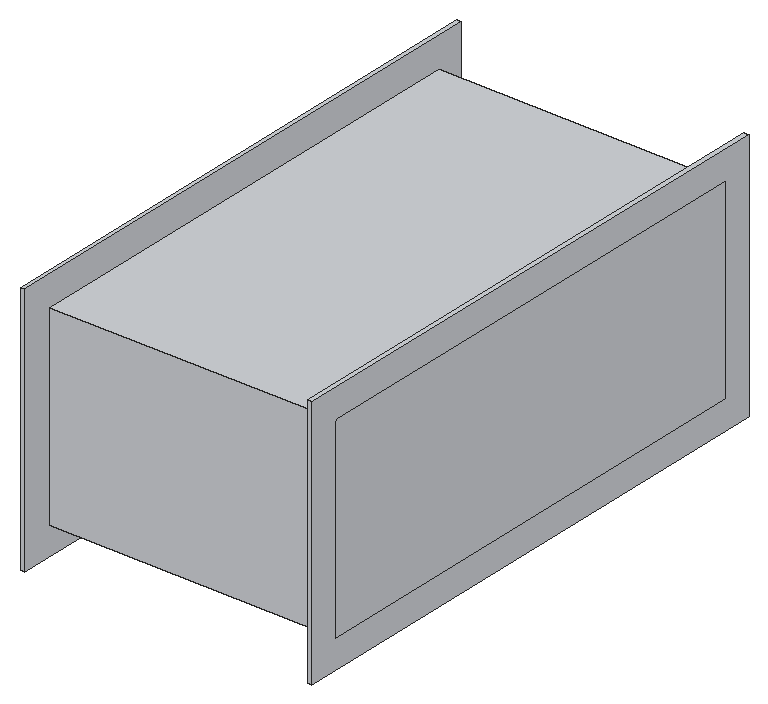
Revit family "RLT_RE Brandschutz- Entrauchungsklappe - Flansch", category Duct Accessories, Revit 2015
Parameters (values of type "Brandschutzklappe")
  RLT_DIM_Länge [instance] = Länge  # 300 mm
  RLT_DIM_Höhe [instance] = Höhe  # 200 mm
  RLT_DIM_Breite [instance] = Breite  # 500 mm
  Motorklappe [instance] = yes
  Entrauchungsklappe = no
  Breite [instance] = 500 mm
  Druckverlust [instance] = 0.00 in-wg
  Länge [instance] = 300 mm
  Höhe [instance] = 200 mm
  Flanschstärke = 5 mm
  Flanschbreite = 30 mm
  Widerstandsbeiwert [instance] = 0
  Brandschutzklappe = yes
  Keynote = "BSK"
  ALG_Wartungsraum_Tiefe [instance] = 200 mm
  ALG_Wartungsraum_Sichtbar [instance] = no
Types (2, lengths in mm): name | Entrauchungsklappe | Brandschutzklappe | Keynote
  Brandschutzklappe | no | yes | "BSK"
  Entrauchungsklappe | yes | no | "ERK"
Reference planes
  plane 1 "Mitte (Vorne/Hinten)": y = 0
  plane 2: z = 0
  plane 3 "Mitte (Links/Rechts)": x = 0
  plane 4: y = 250
  plane 5: y = -250
  plane 6: x = -150
  plane 7: x = 150
  plane 8: z = 100
  plane 9: z = -100
  plane 10: z = 130
  plane 11: y = -280
  plane 12: z = -130
  plane 13: y = 280
  plane 14: x = -145
  plane 15: x = 145
  plane 16: x = -115
Forms (mm)
  Extrusion 1, solid, detail levels medium+fine
    sketch origin (-150, 397.271, 1219.2) x (0, 1, 0) y (0, 0, 1)
      loop
        line (-147.271, -1119.2) -> (-647.271, -1119.2) -> (-647.271, -1319.2) -> (-147.271, -1319.2) -> (-147.271, -1119.2)
    from 0 to 300
  Extrusion 2, solid, detail levels fine
    sketch origin (-150, 397.271, 1219.2) x (0, 1, 0) y (0, 0, 1)
      loop
        line (-117.271, -1089.2) -> (-677.271, -1089.2) -> (-677.271, -1349.2) -> (-117.271, -1349.2) -> (-117.271, -1089.2)
    from 0 to 5
  Extrusion 3, solid, detail levels fine
    sketch origin (150, 397.271, 1219.2) x (0, 1, 0) y (0, 0, -1)
      loop
        line (-117.271, 1089.2) -> (-117.271, 1349.2) -> (-677.271, 1349.2) -> (-677.271, 1089.2) -> (-117.271, 1089.2)
    from 0 to 5
Lines and regions (mm)
  model lines, detail levels coarse
    curve 1: line (-150, 250, 0) -> (150, 250, 0)
    curve 2: line (-150, -250, 0) -> (-150, 250, 0)
    curve 3: line (150, -250, 0) -> (-150, -250, 0)
    curve 4: line (150, 250, 0) -> (150, -250, 0)
    curve 5: line (-150, -208.66, 0) -> (114.808, 250, 0)
    curve 6: line (-115, -250, 0) -> (150, 208.993, 0)
    curve 7: circle (0, 0, 0) r 25 normal (0, 0, 1)
  model lines, style "Symbol", visible <- "Brandschutzklappe", detail levels medium+fine
    curve 8: line (-145, -200, 100) -> (114.808, 250, 100)
    curve 9: line (145, 200.333, 100) -> (-115, -250, 100)
    curve 12: line (-145, -250, -81.845) -> (114.701, -250, 100)
    curve 13: line (-115, -250, -100) -> (145, -250, 82.054)
    curve 15: line (114.701, 250, 100) -> (-145, 250, -81.845)
    curve 16: line (-115, 250, -100) -> (145, 250, 82.054)
  model lines, style "Symbol", detail levels medium+fine
    curve 10: circle (0, 0, 100) r 25 normal (0, 0, 1)
    curve 11: circle (0, -250, 0) r 15 normal (0, -1, 0)
    curve 14: circle (0, 250, 0) r 15 normal (0, 1, 0)
  model lines, style "Symbol", detail levels coarse
    curve 17: line (-150, 0, 100) -> (150, 0, 100)
    curve 18: line (-150, 0, -100) -> (-150, 0, 100)
    curve 19: line (150, 0, -100) -> (-150, 0, -100)
    curve 20: line (150, 0, 100) -> (150, 0, -100)
    curve 23: circle (0, 0, 0) r 15 normal (0, -1, 0)
    curve 24: line (0, 250, 100) -> (0, -250, 100)
    curve 25: line (0, 250, -100) -> (0, 250, 100)
    curve 26: line (0, -250, -100) -> (0, 250, -100)
    curve 27: line (0, -250, 100) -> (0, -250, -100)
  model lines, style "Symbol", visible <- "Brandschutzklappe", detail levels coarse
    curve 21: line (-115, 0, -100) -> (145, 0, 82.054)
    curve 22: line (114.701, 0, 100) -> (-145, 0, -81.845)
  symbolic lines
    curve 28: line (-150, 250, 0) -> (150, 250, 0)
    curve 29: line (-150, -250, 0) -> (-150, 250, 0)
    curve 30: line (150, -250, 0) -> (-150, -250, 0)
    curve 31: line (150, 250, 0) -> (150, -250, 0)
  model lines, style "Symbol", visible <- "Entrauchungsklappe", detail levels medium+fine
    curve 32: line (-150, -250, 100) -> (150, 250, 100)
    curve 33: line (-150, -250, -100) -> (150, -250, 100)
    curve 34: line (-150, 250, -100) -> (150, 250, 100)
  model lines
    curve 35: line (150, -250, -100) -> (150, 250, 100)
    curve 36: circle (150, 0, 0) r 25 normal (1, 0, 0)
    curve 40: circle (-150, 0, 0) r 25 normal (1, 0, 0)
  model lines, visible <- "Entrauchungsklappe", detail levels medium+fine
    curve 37: line (150, -250, -100) -> (150, 250, 100)
    curve 41: line (-150, -250, -100) -> (-150, 250, 100)
  model lines, visible <- "Brandschutzklappe", detail levels medium+fine
    curve 38: line (150, -250, -73.074) -> (150, 182.685, 100)
    curve 39: line (150, -182.685, -100) -> (150, 250, 73.074)
    curve 42: line (-150, -182.685, -100) -> (-150, 250, 73.074)
    curve 43: line (-150, -250, -73.074) -> (-150, 182.685, 100)
Dimensions and locks
  equal spacing: plane 6, plane 3 "Mitte (Links/Rechts)", plane 7
  "Länge": plane 6 to plane 7
  equal spacing: plane 5, plane 1 "Mitte (Vorne/Hinten)", plane 4
  equal spacing: plane 8, level, plane 9
  "Höhe": plane 8 to plane 9
  "Breite": plane 5 to plane 4
  "Flanschbreite": plane 10 to plane 8
  "Flanschbreite": plane 12 to plane 9
  "Flanschbreite": plane 13 to plane 4
  "Flanschbreite": plane 5 to plane 11
  "Flanschstärke": plane 6 to plane 14
  "Flanschstärke": plane 15 to plane 7
  locked: plane 6 to plane 16 at 35
  radius of curve 7 = 25 mm
  radius of curve 10 = 25 mm
  radius of curve 11 = 15 mm
  radius of curve 14 = 15 mm
  radius of curve 23 = 15 mm
  aligned and locked: plane 2 to level
  aligned and locked: plane 7 to Extrusion 1
  aligned and locked: Extrusion 1 to plane 6
  aligned and locked: plane 8 to Extrusion 1
  aligned and locked: plane 9 to Extrusion 1
  aligned and locked: plane 5 to Extrusion 1
  aligned and locked: plane 4 to Extrusion 1
  aligned and locked: plane 14 to Extrusion 2
  aligned and locked: Extrusion 2 to plane 6
  aligned and locked: Extrusion 3 to plane 15
  aligned and locked: plane 7 to Extrusion 3
  aligned and locked: curve 2 to Extrusion 1
  aligned and locked: curve 4 to Extrusion 1
  aligned and locked: curve 8 to curve 12
  aligned and locked: plane 14 to curve 12
  aligned and locked: plane 9 to curve 13
  aligned and locked: plane 15 to curve 13
  aligned and locked: curve 16 to curve 13
  aligned and locked: curve 15 to curve 12
  aligned and locked: curve 17 to Extrusion 1
  aligned and locked: curve 18 to Extrusion 1
  aligned and locked: curve 19 to Extrusion 1
  aligned and locked: curve 20 to Extrusion 1
  aligned and locked: curve 24 to Extrusion 1
  aligned and locked: curve 25 to Extrusion 1
  aligned and locked: curve 26 to Extrusion 1
  aligned and locked: curve 27 to Extrusion 1
  aligned and locked: curve 28 to curve 1
  aligned and locked: curve 29 to curve 2
  aligned and locked: curve 30 to curve 3
  aligned and locked: curve 31 to curve 4
  aligned and locked: curve 32 to curve 2
  aligned and locked: curve 32 to curve 4
  aligned and locked: curve 33 to curve 20
  aligned and locked: curve 33 to curve 18
  aligned and locked: curve 34 to curve 20
  aligned and locked: curve 34 to curve 18
  aligned and locked: curve 25 to curve 39
  aligned and locked: curve 26 to curve 39
  aligned and locked: curve 27 to curve 38
  aligned and locked: curve 24 to curve 38
  aligned and locked: plane 11 to nested 1
  aligned and locked: plane 3 "Mitte (Links/Rechts)" to nested 2
  aligned and locked: nested 2 to plane 5
Automatic sketch dimensions
  Extrusion 2 sketch curve to plane 10 = 0 mm
  Extrusion 2 sketch curve to plane 11 = 0 mm
  plane 12 to Extrusion 2 sketch curve = 0 mm
  Extrusion 2 sketch curve to plane 13 = 0 mm
  Extrusion 3 sketch curve to plane 10 = 0 mm
  Extrusion 3 sketch curve to plane 11 = 0 mm
  plane 12 to Extrusion 3 sketch curve = 0 mm
  Extrusion 3 sketch curve to plane 13 = 0 mm
  Extrusion 1 sketch curve to plane 5 = 0 mm
  Extrusion 1 sketch curve to plane 4 = 0 mm
  plane 9 to Extrusion 1 sketch curve = 0 mm
  Extrusion 1 sketch curve to plane 8 = 0 mm
  plane 5 to curve 32 = 0 mm
  plane 5 to curve 9 = 0 mm
  curve 8 to plane 14 = 0 mm
  plane 1 "Mitte (Vorne/Hinten)" to curve 10 = 0 mm
  curve 9 to plane 15 = 0 mm
  curve 32 to plane 4 = 0 mm
  curve 8 to plane 4 = 0 mm
  curve 10 to plane 3 "Mitte (Links/Rechts)" = 0 mm
  curve 9 to plane 16 = 0 mm
  curve 8 to plane 5 = 50 mm
  curve 9 to plane 4 = 49.667 mm
  curve 8 to plane 15 = 30.192 mm
  plane 16 to curve 13 = 0 mm
  curve 11 to level = 0 mm
  curve 11 to plane 3 "Mitte (Links/Rechts)" = 0 mm
  curve 33 to plane 9 = 0 mm
  curve 33 to plane 8 = 0 mm
  curve 12 to plane 15 = 30.299 mm
  curve 12 to plane 9 = 18.155 mm
  curve 13 to plane 8 = 17.946 mm
  curve 16 to plane 15 = 0 mm
  curve 15 to plane 8 = 0 mm
  curve 14 to level = 0 mm
  curve 14 to plane 3 "Mitte (Links/Rechts)" = 0 mm
  curve 16 to plane 9 = 0 mm
  curve 15 to plane 14 = 0 mm
  curve 34 to plane 9 = 0 mm
  curve 34 to plane 8 = 0 mm
  plane 5 to curve 3 = 0 mm
  curve 2 to plane 4 = 0 mm
  curve 6 to plane 16 = 0 mm
  plane 1 "Mitte (Vorne/Hinten)" to curve 7 = 0 mm
  curve 7 to plane 3 "Mitte (Links/Rechts)" = 0 mm
  curve 5 to plane 15 = 30.192 mm
  curve 2 to curve 5 = 41.34 mm
  curve 6 to plane 4 = 41.007 mm
  curve 22 to plane 14 = 0 mm
  plane 16 to curve 21 = 0 mm
  curve 23 to level = 0 mm
  curve 23 to plane 3 "Mitte (Links/Rechts)" = 0 mm
  curve 21 to plane 15 = 0 mm
  curve 22 to plane 15 = 30.299 mm
  curve 22 to plane 9 = 18.155 mm
  curve 21 to plane 8 = 17.946 mm
  curve 37 to plane 5 = 0 mm
  curve 35 to plane 5 = 0 mm
  curve 36 to level = 0 mm
  curve 36 to plane 1 "Mitte (Vorne/Hinten)" = 0 mm
  curve 37 to plane 4 = 0 mm
  curve 35 to plane 4 = 0 mm
  plane 9 to curve 37 = 0 mm
  plane 9 to curve 35 = 0 mm
  curve 35 to plane 8 = 0 mm
  curve 37 to plane 8 = 0 mm
  curve 35 to curve 39 = 67.315 mm
  curve 38 to plane 4 = 67.315 mm
  curve 38 to plane 9 = 26.926 mm
  curve 39 to curve 37 = 26.926 mm
  curve 41 to plane 5 = 0 mm
  curve 43 to plane 5 = 0 mm
  plane 9 to curve 42 = 0 mm
  curve 40 to level = 0 mm
  curve 40 to plane 1 "Mitte (Vorne/Hinten)" = 0 mm
  curve 43 to plane 8 = 0 mm
  curve 42 to plane 4 = 0 mm
  curve 41 to plane 4 = 0 mm
  plane 9 to curve 41 = 0 mm
  curve 41 to plane 8 = 0 mm
  curve 42 to plane 5 = 67.315 mm
  curve 43 to curve 41 = 67.315 mm
  curve 41 to curve 43 = 26.926 mm
  curve 42 to curve 41 = 26.926 mm
  radius of curve 36 = 25 mm
  radius of curve 40 = 25 mm
Nested families
  nested 1: "XXX_RLT-Motorsymbol" at (-115, -280, 0), visible <- "Motorklappe", type "XXX_RLT-Motorsymbol"
  nested 2: "ALG_Wartungsraum" at (0, -250, 0), ALG_Wartungsraum_Breite <- "Länge", ALG_Wartungsraum_Höhe <- "Höhe", ALG_Wartungsraum_Tiefe <- "ALG_Wartungsraum_Tiefe", ALG_Wartungsraum_Sichtbar <- "ALG_Wartungsraum_Sichtbar", type "ALG_Wartungsraum"
    with ALG_Wartungsraum_Tiefe 200 mm, ALG_Wartungsraum_Sichtbar no, ALG_Wartungsraum_Material ALG_Wartungsraum, ALG_Wartungsraum_Höhe 200 mm, ALG_Wartungsraum_Breite 300 mm
Connectors
  hvac at (-150, 0, 0), driven by "Widerstandsbeiwert", driven by "Höhe", driven by "Breite"
    settings: on Extrusion 1, index 1, duct flow 0 CFM, flow factor 0, pres drop 0.00 in-wg, loss coef 0, conn angle 0.00°, conn width 500 mm, conn height 200 mm, conn diameter 609.6 mm, duct sys type 29, conn prof type 1, flow config 0, flow direction 0, loss method 6, conn ref index 2, conn util no, is conn primary yes, conn desc ""
  hvac at (150, 0, 0), driven by "Widerstandsbeiwert", driven by "Breite", driven by "Höhe"
    settings: on Extrusion 1, index 2, duct flow 0 CFM, flow factor 0, pres drop 0.00 in-wg, loss coef 0, conn angle 0.00°, conn width 500 mm, conn height 200 mm, conn diameter 609.6 mm, duct sys type 29, conn prof type 1, flow config 0, flow direction 0, loss method 6, conn ref index 1, conn util no, is conn primary no, conn desc ""
Definition of nested family "XXX_RLT-Motorsymbol"
  Reference planes
    plane 1: y = 0
    plane 2: x = 0
  Lines and regions (mm)
    detail lines
      curve 1: circle (0, -1.553, 0) r 1.553 normal (0, 0, 1)
  Text (mm)
    text "M" at (0.034, 0.184, 0)
Definition of nested family "ALG_Wartungsraum"
  Parameters (values of type "ALG_Wartungsraum")
    ALG_Wartungsraum_Tiefe [instance] = 1041.001 mm
    ALG_Wartungsraum_Sichtbar [instance] = yes
    ALG_Wartungsraum_Material [instance] = none
    ALG_Wartungsraum_Höhe [instance] = 963.511 mm
    ALG_Wartungsraum_Breite [instance] = 1963.523 mm
  Reference planes
    plane 1 "Mitte (Vorne/Hinten)": y = 0
    plane 2: z = 0
    plane 3 "Mitte (Links/Rechts)": x = 0
  Forms (mm)
    Extrusion 1, solid, material <- "ALG_Wartungsraum_Material", visible <- "ALG_Wartungsraum_Sichtbar"
      sketch origin (0, 0, 0) x (1, 0, 0) y (0, 1, 0)
        loop
          line (-981.762, 0) -> (-981.762, -1041.001) -> (981.762, -1041.001) -> (981.762, 0) -> (-981.762, 0)
      from -481.755 to 481.755
  Lines and regions (mm)
    reference lines
      curve 1: line (-981.762, 390.703, 0) -> (-981.762, -1509.297, 0)
      curve 2: line (981.762, 479.857, 0) -> (981.762, -1509.297, 0)
      curve 3: line (-1089.752, -1041.001, 0) -> (1110.248, -1041.001, 0)
      curve 4: line (-1365.995, 0, 481.755) -> (1234.005, 0, 481.755)
      curve 5: line (-1256.599, 0, -481.755) -> (1234.005, 0, -481.755)
  Dimensions and locks
    equal spacing: curve 1, plane 3 "Mitte (Links/Rechts)", curve 2
    "ALG_Wartungsraum_Tiefe": curve 3 to plane 1 "Mitte (Vorne/Hinten)"
    "ALG_Wartungsraum_Breite": curve 1 to curve 2
    equal spacing: curve 4, plane 2, curve 5
    "ALG_Wartungsraum_Höhe": curve 4 to curve 5
    aligned and locked: level to plane 2
    aligned and locked: Extrusion 1 to plane 1 "Mitte (Vorne/Hinten)"
    aligned and locked: curve 1 to Extrusion 1
    aligned and locked: Extrusion 1 to curve 2
    aligned and locked: curve 3 to Extrusion 1
    aligned and locked: Extrusion 1 to curve 4
    aligned and locked: curve 5 to Extrusion 1
  Automatic sketch dimensions
    plane 1 "Mitte (Vorne/Hinten)" to Extrusion 1 sketch curve = 0 mm
    Extrusion 1 sketch curve to plane 3 "Mitte (Links/Rechts)" = 981.762 mm
    plane 3 "Mitte (Links/Rechts)" to Extrusion 1 sketch curve = 981.762 mm
    plane 1 "Mitte (Vorne/Hinten)" to Extrusion 1 sketch curve = 1041.001 mm
    curve 3 to curve 1 = 107.991 mm
    curve 2 to curve 3 = 128.486 mm
    curve 2 to curve 3 = 468.296 mm
    curve 1 to curve 3 = 468.296 mm
    curve 1 to plane 1 "Mitte (Vorne/Hinten)" = 390.703 mm
    curve 2 to plane 1 "Mitte (Vorne/Hinten)" = 479.857 mm
    curve 4 to plane 3 "Mitte (Links/Rechts)" = 1365.995 mm
    curve 4 to curve 5 = 109.396 mm
    plane 3 "Mitte (Links/Rechts)" to curve 5 = 1234.005 mm
    curve 4 to curve 5 = 0 mm
